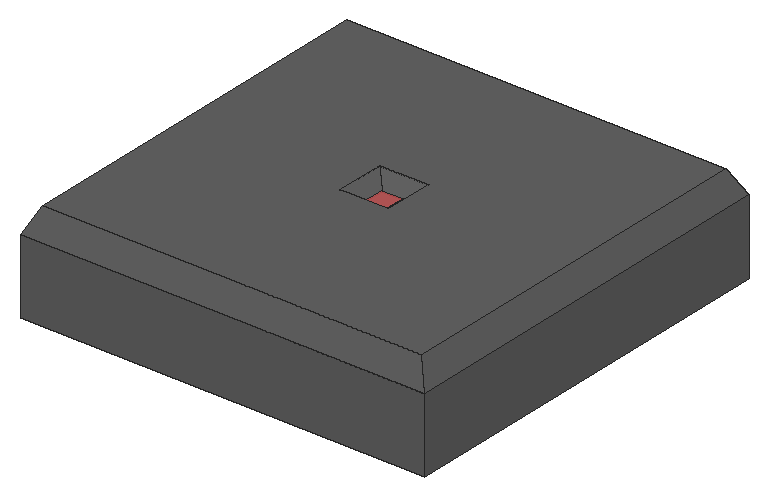
Revit family "Proximity Reader_P-530_Farpointe_R17", category Security Devices, host Face, Revit 2017
Family settings
  Host = Face
  Maintain Annotation Orientation = No
  Round Connector Dimension = Use Diameter
  Part Type = Normal
  Cut with Voids When Loaded = No
  Shared = No
  Room Calculation Point = No
Parameters
  Width = 3.25"
  URL - Quick Start Guides [instance] = "http://farpointedata.com/downloads/qsg_and_ref/ProximityReaders_QSG.pdf"
  URL - Mounting Guides Letter Size [instance] = "http://farpointedata.com/downloads/mounting_guides/MountingGuide_P530_Ltr.pdf"
  URL - Mounting Guides A4 Size [instance] = "http://farpointedata.com/downloads/mounting_guides/MountingGuide_P530_A4.pdf"
  URL - Data Sheets [instance] = "http://farpointedata.com/downloads/datasheets/P530_TDS.pdf"
  URL - Bid Specifications [instance] = "http://farpointedata.com/downloads/bid_specs/Farpointe_Pyramid_Specification.docx"
  URL = "http://www.farpointedata.com/"
  Modeled By [instance] = "www.commensestudio.com"
  Model = "P-530 Proximity Reader"  # constant formula
  Manufacturer = "Farpointe Data"  # constant formula
  LED [instance] = LED
  Height = 3.25"
  Description = "European-Sized Mount"  # constant formula
  Depth = 0.8"
  Default Elevation = 48"
  Cover [instance] = Cover
Reference planes (in)
  plane 1 "Center (Front/Back)": y = 0
  plane 2: z = 0
  plane 3 "Center (Left/Right)": x = 0
  plane 4: x = -1.625
  plane 5: x = 1.625
  plane 6: y = 1.625
  plane 7: y = -1.625
  plane 8: z = 0.8
Forms (in)
  Extrusion 1, solid, material "Cover" <- "Cover"
    sketch origin (0, 0, 0.1) x (1, 0, 0) y (0, 1, 0)
      loop
        line (-1.625, -1.625) -> (1.625, -1.625) -> (1.625, 1.625) -> (-1.625, 1.625) -> (-1.625, -1.625)
    from -0.1 to 0.5
  Blend 2, solid, material "Cover" <- "Cover"
    base sketch origin (0, 0, 0.1) x (1, 0, 0) y (0, 1, 0)
      loop
        line (-1.625, 1.625) -> (-1.625, -1.625) -> (1.625, -1.625) -> (1.625, 1.625) -> (-1.625, 1.625)
    top sketch origin (0, 0, 0.1) x (1, 0, 0) y (0, 1, 0)
      loop
        line (-1.525, 1.525) -> (-1.525, -1.525) -> (1.525, -1.525) -> (1.525, 1.525) -> (-1.525, 1.525)
    from 0.5 to 0.7
  Extrusion 3, solid, material "LED" <- "LED"
    sketch origin (0, 0, 0.1) x (1, 0, 0) y (0, 1, 0)
      loop
        line (0.085, -0.085) -> (0.085, 0.085) -> (-0.085, 0.085) -> (-0.085, -0.085) -> (0.085, -0.085)
    from 0.5 to 0.61
  Blend 4, void
    base sketch origin (0, 0, 0.1) x (1, 0, 0) y (0, 1, 0)
      loop
        line (-0.085, 0.085) -> (-0.085, -0.085) -> (0.085, -0.085) -> (0.085, 0.085) -> (-0.085, 0.085)
    top sketch origin (0, 0, 0.1) x (1, 0, 0) y (0, 1, 0)
      loop
        line (-0.19907, 0.19907) -> (-0.19907, -0.19907) -> (0.19907, -0.19907) -> (0.19907, 0.19907) -> (-0.19907, 0.19907)
    from 0.6 to 0.7
Cuts and joins
  Blend 4 cuts Blend 2
Dimensions and locks (in)
  equal spacing: plane 7, plane 1 "Center (Front/Back)", plane 6
  equal spacing: plane 4, plane 3 "Center (Left/Right)", plane 5
  "Height": plane 7 to plane 6
  "Width": plane 4 to plane 5
  "Depth": plane 8 to level
  aligned and locked: plane 2 to host face
  aligned and locked: level to host face
  aligned and locked: Blend 2 sketch curve to Extrusion 1
Automatic sketch dimensions
  host sketch curve to host sketch curve = 96"  (x2)
  Extrusion 1 sketch curve to plane 4 = 0"
  Extrusion 1 sketch curve to plane 5 = 0"
  plane 7 to Extrusion 1 sketch curve = 0"
  plane 6 to Extrusion 1 sketch curve = 0"
  Blend 2 sketch curve to plane 4 = 0"
  plane 7 to Blend 2 sketch curve = 0"
  plane 6 to Blend 2 sketch curve = 0"
  plane 4 to Blend 2 sketch curve = 0.1"
  Blend 2 sketch curve to plane 5 = 0.1"
  Blend 2 sketch curve to plane 7 = 0.1"
  plane 6 to Blend 2 sketch curve = 0.1"
  Extrusion 3 sketch curve to plane 3 "Center (Left/Right)" = 0.085"
  plane 3 "Center (Left/Right)" to Extrusion 3 sketch curve = 0.085"
  plane 1 "Center (Front/Back)" to Extrusion 3 sketch curve = 0.085"
  Extrusion 3 sketch curve to plane 1 "Center (Front/Back)" = 0.085"
  Blend 4 sketch curve to plane 3 "Center (Left/Right)" = 0.085"
  plane 3 "Center (Left/Right)" to Blend 4 sketch curve = 0.085"
  plane 1 "Center (Front/Back)" to Blend 4 sketch curve = 0.085"
  Blend 4 sketch curve to plane 1 "Center (Front/Back)" = 0.085"
  Blend 4 sketch curve to plane 3 "Center (Left/Right)" = 0.19907"
  plane 3 "Center (Left/Right)" to Blend 4 sketch curve = 0.19907"
  plane 1 "Center (Front/Back)" to Blend 4 sketch curve = 0.19907"
  Blend 4 sketch curve to plane 1 "Center (Front/Back)" = 0.19907"
Connectors (in)
  electrical at (0, 0, 0)
    settings: index 3, voltage 0 V, apparent load 0 VA, apparent load phase1 0 VA, apparent load phase2 0 VA, apparent load phase3 0 VA, power factor 1, load classification "Other", number of poles 1, system type 10, power factor state 1, is connector primary yes, connector utility no, sub classification motor no, connector description ""
